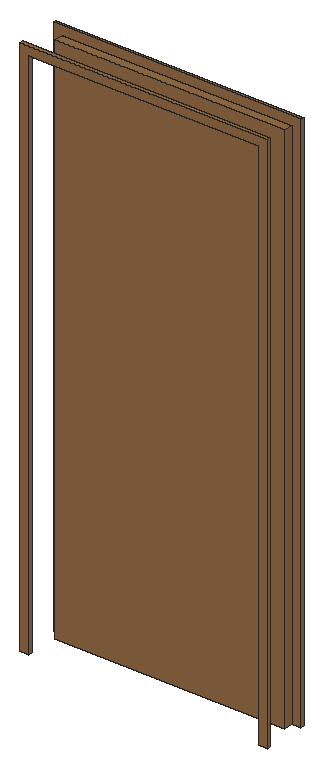
Revit family "Por_Sim", category Doors, host Wall, Revit 2025
Family settings
  Host = Wall
  OmniClass Number = 23.30.10.00
  OmniClass Title = Doors
  Always vertical = Yes
  Cut with Voids When Loaded = No
  Shared = No
  Room Calculation Point = Yes
Parameters (values of type "POR_090x210_SIM_BOX_CEG_PNE")
  Thickness = 35.00 mm
  Function = Interior
  Material Porta Folha = CT_Porta_Folha
  Material Porta Marco = CT_Porta_Marco
  Height = 2100.00 mm
  Trim Projection Ext = 12.50 mm
  Trim Projection Int = 12.50 mm
  Trim Width = 35.00 mm
  Wall Closure = By host
  Width = 900.00 mm
  Define Thermal Properties by = Schematic Type
  Analytic Construction = "<None>"
Types (12, lengths in mm): name | Thickness | Material Porta Folha | Material Porta Marco | Trim Projection Ext | Trim Projection Int | Trim Width | Width
  POR_090x210_SIM_BOX_CEG_PNE | 35.00 | CT_Porta_Folha | CT_Porta_Marco | 12.50 | 12.50 | 35.00 | 900.00
  POR_110x210_SIM_INT_CEG | 51.00 | CT_Porta_Folha | CT_Porta_Marco | 12.50 | 12.50 | 35.00 | 1100.00
  POR_030x210_SIM_CEG | 35.00 | none | none | 10.00 | 10.00 | 30.00 | 300.00
  POR_090x210_SIM_INT_CEG | 35.00 | none | none | 12.50 | 12.50 | 35.00 | 900.00
  POR_040x210_SIM_CEG | 35.00 | none | none | 10.00 | 10.00 | 30.00 | 400.00
  POR_200x210_SIM_INT_CEG | 35.00 | none | none | 12.50 | 12.50 | 35.00 | 2000.00
  POR_150x210_SIM_INT_CEG | 35.00 | none | none | 12.50 | 12.50 | 35.00 | 1500.00
  POR_100x210_SIM_INT_CEG | 51.00 | CT_Porta_Folha | CT_Porta_Marco | 12.50 | 12.50 | 35.00 | 1000.00
  POR_120x210_SIM_INT_CEG | 35.00 | none | none | 12.50 | 12.50 | 35.00 | 1200.00
  POR_080x210_SIM_INT_CEG | 35.00 | CT_Porta_Folha | CT_Porta_Marco | 12.50 | 12.50 | 35.00 | 800.00
  POR_060x210_SIM_BOX_CEG | 35.00 | none | none | 12.50 | 12.50 | 35.00 | 600.00
  POR_070x210_SIM_INT_CEG | 35.00 | none | none | 12.50 | 12.50 | 35.00 | 700.00
Reference planes
  plane 1: y = 0
  plane 2: z = 0
  plane 3: x = 0
  plane 4: x = -450
  plane 5: x = 450
  plane 6: z = 2100
Forms (mm)
  Extrusion 1, solid, material "CT_Porta_Folha" <- "Material Porta Folha"
    sketch origin (0, 0, 0) x (1, 0, 0) y (0, 0, 1)
      loop
        line (-450, 2100) -> (-450, 0) -> (450, 0) -> (450, 2100) -> (-450, 2100)
    from -76.2 to -41.2
  Extrusion 2, solid, material "CT_Porta_Marco" <- "Material Porta Marco"
    sketch origin (-1604, -76.2, 0) x (1, 0, 0) y (0, 0, 1)
      loop
        line (1119, 2135) -> (1119, 0) -> (1154, 0) -> (1154, 2100) -> (2054, 2100) -> (2054, 0) -> (2089, 0) -> (2089, 2135) -> (1119, 2135)
    from 0 to 12.5
  Extrusion 3, solid, material "CT_Porta_Marco" <- "Material Porta Marco"
    sketch origin (-1604, 76.2, 0) x (-1, 0, 0) y (0, 0, 1)
      loop
        line (-2089, 2135) -> (-2089, 0) -> (-2054, 0) -> (-2054, 2100) -> (-1154, 2100) -> (-1154, 0) -> (-1119, 0) -> (-1119, 2135) -> (-2089, 2135)
    from 0 to 12.5
Lines and regions (mm)
  Opening 1
    outline origin (-1604, -76.2, 3657.6) x (0, 0, -1) y (1, 0, 0)
      loop
        line (1557.6, 1154) -> (3657.6, 1154) -> (3657.6, 2054) -> (1557.6, 2054) -> (1557.6, 1154)
  symbolic lines, style "DoorsPanelProjection"
    curve 1: line (450, 76.2, 0) -> (415, 76.2, 0)
    curve 2: line (450, 76.2, 0) -> (450, 977.212, 0)
    curve 3: line (450, 977.212, 0) -> (415, 977.212, 0)
    curve 4: line (415, 76.2, 0) -> (415, 977.212, 0)
  model lines, style "DoorsFrameMullionProjection"
    curve 5: line (-485, -76.2, 0) -> (-485, -76.2, 2135)
    curve 6: line (-485, -76.2, 2135) -> (485, -76.2, 2135)
    curve 7: line (485, -76.2, 2135) -> (485, -76.2, 0)
    curve 8: line (485, 76.2, 0) -> (485, 76.2, 2135)
    curve 9: line (-485, 76.2, 2135) -> (485, 76.2, 2135)
    curve 10: line (-485, 76.2, 2135) -> (-485, 76.2, 0)
  symbolic lines, style "Plan Swing"
    curve 11: arc (415, 977.212, 0) -> (-199.849, 701.295, 0) -> (-451.691, 76.2, 0) r 901.691
Dimensions and locks
  equal spacing: plane 4, plane 3, plane 5
  "Width": plane 4 to plane 5
  locked: host wall to curve 1
  control icon elem to plane 5 = 254.408 mm
  "Height": plane 6 to plane 2
  "Trim Width": plane 4 to curve 5
  "Trim Width": plane 5 to curve 7
  "Trim Width": plane 6 to curve 6
  locked: curve 9 to host wall
  "Trim Projection Ext": Extrusion 3 to host wall
  "Trim Projection Int": Extrusion 2 to host wall
  "Thickness": curve 4 to plane 5
  "Thickness": Extrusion 1 to host wall
  plane 6 to level = 2100.00 mm
  aligned and locked: host wall to Extrusion 1
  aligned and locked: plane 2 to curve 5
  aligned and locked: curve 7 to level
  aligned and locked: curve 8 to curve 7
  aligned and locked: curve 6 to Extrusion 2 sketch curve
  aligned and locked: Extrusion 2 sketch curve to curve 5
  aligned and locked: Extrusion 2 sketch curve to curve 7
  aligned and locked: Extrusion 2 to Extrusion 3 sketch curve
  aligned and locked: Extrusion 3 sketch curve to Extrusion 2  (x2)
Automatic sketch dimensions
  Opening 1 sketch curve to plane 6 = 0.00 mm
  Opening 1 sketch curve to level = 0.00 mm
  Opening 1 sketch curve to plane 4 = 0.00 mm
  Opening 1 sketch curve to plane 5 = 0.00 mm
  Extrusion 1 sketch curve to plane 4 = 0.00 mm
  Extrusion 1 sketch curve to plane 5 = 0.00 mm
  Extrusion 1 sketch curve to level = 0.00 mm
  Extrusion 1 sketch curve to plane 6 = 0.00 mm
  Extrusion 2 sketch curve to level = 0.00 mm  (x2)
  Extrusion 2 sketch curve to plane 4 = 0.00 mm
  Extrusion 2 sketch curve to plane 5 = 0.00 mm
  Extrusion 2 sketch curve to plane 6 = 0.00 mm
  Extrusion 3 sketch curve to level = 0.00 mm  (x2)
  Extrusion 3 sketch curve to plane 5 = 0.00 mm
  Extrusion 3 sketch curve to plane 4 = 0.00 mm
  Extrusion 3 sketch curve to plane 6 = 0.00 mm
  curve 1 to plane 5 = 0.00 mm
  curve 11 to plane 5 = 0.00 mm
  plane 4 to curve 11 = 1.691 mm
  curve 11 to host wall = 0.00 mm
  curve 10 to level = 0.00 mm
  curve 8 to level = 0.00 mm
  curve 9 to curve 5 = 0.00 mm
  curve 10 to curve 5 = 0.00 mm
